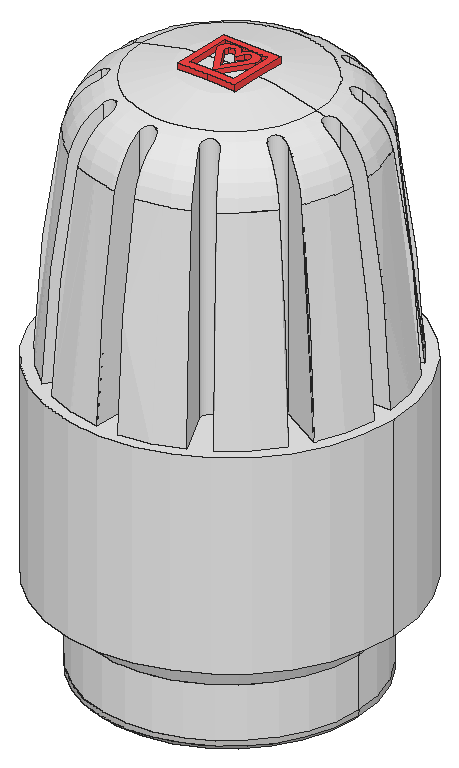
Revit family "HERZ-Herzcules-Thermostatkopf M28x1.5 9860", category Rohrzubehör, Revit 2021
Family settings
  Bemaßung runder Anschluss = Durchmesser verwenden
  Teiletyp = Normal
  OmniClass-Nummer = 23.65.55.14
  OmniClass-Titel = Valves for Liquid Services
  Arbeitsebenenbasiert = Nein
  Immer vertikal = Nein
  Beim Laden mit Abzugskörper schneiden = Nein
  Gemeinsam genutzt = Nein
Parameters
  Vorgabe-Ansicht = 0.000 mm
  URL = "www.herz-armaturen.at"
  Sollwertbereich = "8 - 26°C"  # constant formula
  S02 = 60.000 mm  # constant formula
  S01 = 81.000 mm  # constant formula
  Hersteller = "HERZ Armaturen Ges.m.b.H."  # constant formula
  Handrad = "Kunststoff, weiß"  # constant formula
  Funktionsweise = "Der HERZ-Thermostat dient als Fühl- und Regelelement.\r\nDurch die Volumsänderung der Flüssigkeitsfüllung im HERZ-Hydrosensor wird die Schubspindel des Ventils bewegt."
  Bestellnummer = 1986010  # constant formula
  Ausführungen = "HERZCULES, Heizkörperthermostat in Massivausführung\r\ngegen Vandalismus, Diebstahl und unbefugte Betätigung.\r\nMontage, Demontage und Sollwerteinstellung nur mit Spezialwerkzeugen möglich.\r\nSollwerteinstellung verriegelt, Einstellanzeige bleibt in verriegelter Position verdeckt.\r\nMit automatischer Frostsicherung."
  Anwendungen = "HERZCULES, Thermostatkopf zur Montage auf HERZ-Ventilen, die für thermostatischen Betrieb eingerichtet sind."
Reference planes
  plane 1 "Mitte (Vorne/hinten)": y = 0
  plane 2: z = 0
  plane 3 "Mitte (Links/rechts)": x = 0
Forms (mm)
  Revolve 1, solid, material "Kunststoff weiß", detail levels fine
    sketch origin (0, 0, 0) x (1, 0, 0) y (0, 0, 1)
      loop
        line (-20.5, -3.5) -> (-14, -3.5) -> (-14, 0) -> (0, 0) -> (0, 81)
        arc (0, 81) -> (-6.982, 80.51) -> (-13.827, 79.05) r 50
        arc (-13.827, 79.05) -> (-18.34, 76.173) -> (-20.722, 71.381) r 10
        arc (-20.722, 71.381) -> (-23.123, 55.561) -> (-24.254, 39.6) r 200.5
        line (-24.254, 39.6) -> (-26, 39.6) -> (-26, 9) -> (-23.156, 9) -> (-20.5, 4.4) -> (-20.5, -3.5)
      axis (0, 81) -> (0, -3.5)
    angle from 0 to 360
  Revolve 2, solid, material "Messing verzinkt", detail levels fine
    sketch origin (0, 0, -5) x (1, 0, 0) y (0, 0, 1)
      loop
        line (-14, 0) -> (-14, 1.5) -> (-20.5, 1.5) -> (-20.5, 0.7) -> (-19.8, 0) -> (-14, 0)
      axis (0, 1.5) -> (0, 0)
    angle from 0 to 360
  Extrusion 3, void
    sketch origin (0, 0, 0) x (1, 0, 0) y (0, 1, 0)
      loop
        line (1.7, -24.289) -> (1.331, -16.288)
        arc (1.331, -16.288) -> (-0.021, -15) -> (-1.366, -16.294) r 1.35
        line (-1.366, -16.294) -> (-1.7, -24.292)
        arc (-1.7, -24.292) -> (0, -24.35) -> (1.7, -24.289) r 24.35
      loop
        arc (-13.65, -20.176) -> (-12.208, -21.079) -> (-10.707, -21.879) r 24.35
        line (-10.707, -21.879) -> (-6.996, -14.785)
        arc (-6.996, -14.785) -> (-7.515, -12.992) -> (-9.329, -13.431) r 1.35
        line (-9.329, -13.431) -> (-13.65, -20.176)
      loop
        line (-20.194, -13.632) -> (-13.449, -9.312)
        arc (-13.449, -9.312) -> (-13.009, -7.497) -> (-14.803, -6.979) r 1.35
        line (-14.803, -6.979) -> (-21.896, -10.689)
        arc (-21.896, -10.689) -> (-21.097, -12.19) -> (-20.194, -13.632) r 24.35
      loop
        arc (-24.307, 1.718) -> (-24.368, 0.018) -> (-24.309, -1.682) r 24.35
        line (-24.309, -1.682) -> (-16.311, -1.349)
        arc (-16.311, -1.349) -> (-15.018, -0.003) -> (-16.305, 1.349) r 1.35
        line (-16.305, 1.349) -> (-24.307, 1.718)
      loop
        arc (1.7, 24.289) -> (0, 24.35) -> (-1.7, 24.292) r 24.35
        line (-1.7, 24.292) -> (-1.366, 16.294)
        arc (-1.366, 16.294) -> (-0.021, 15) -> (1.331, 16.288) r 1.35
        line (1.331, 16.288) -> (1.7, 24.289)
      loop
        line (-13.65, 20.176) -> (-9.329, 13.431)
        arc (-9.329, 13.431) -> (-7.515, 12.992) -> (-6.996, 14.785) r 1.35
        line (-6.996, 14.785) -> (-10.707, 21.879)
        arc (-10.707, 21.879) -> (-12.208, 21.079) -> (-13.65, 20.176) r 24.35
      loop
        arc (-20.194, 13.632) -> (-21.097, 12.19) -> (-21.896, 10.689) r 24.35
        line (-21.896, 10.689) -> (-14.803, 6.979)
        arc (-14.803, 6.979) -> (-13.009, 7.497) -> (-13.449, 9.312) r 1.35
        line (-13.449, 9.312) -> (-20.194, 13.632)
      loop
        line (24.307, 1.718) -> (16.305, 1.349)
        arc (16.305, 1.349) -> (15.018, -0.003) -> (16.311, -1.349) r 1.35
        line (16.311, -1.349) -> (24.309, -1.682)
        arc (24.309, -1.682) -> (24.368, 0.018) -> (24.307, 1.718) r 24.35
      loop
        arc (13.65, 20.176) -> (12.208, 21.079) -> (10.707, 21.879) r 24.35
        line (10.707, 21.879) -> (6.996, 14.785)
        arc (6.996, 14.785) -> (7.515, 12.992) -> (9.329, 13.431) r 1.35
        line (9.329, 13.431) -> (13.65, 20.176)
      loop
        line (20.194, 13.632) -> (13.449, 9.312)
        arc (13.449, 9.312) -> (13.009, 7.497) -> (14.803, 6.979) r 1.35
        line (14.803, 6.979) -> (21.896, 10.689)
        arc (21.896, 10.689) -> (21.097, 12.19) -> (20.194, 13.632) r 24.35
      loop
        line (13.65, -20.176) -> (9.329, -13.431)
        arc (9.329, -13.431) -> (7.515, -12.992) -> (6.996, -14.785) r 1.35
        line (6.996, -14.785) -> (10.707, -21.879)
        arc (10.707, -21.879) -> (12.208, -21.079) -> (13.65, -20.176) r 24.35
      loop
        arc (20.194, -13.632) -> (21.097, -12.19) -> (21.896, -10.689) r 24.35
        line (21.896, -10.689) -> (14.803, -6.979)
        arc (14.803, -6.979) -> (13.009, -7.497) -> (13.449, -9.312) r 1.35
        line (13.449, -9.312) -> (20.194, -13.632)
    from 39.6 to 90
Cuts and joins
  Extrusion 3 cuts Revolve 1
Lines and regions (mm)
  model lines, detail levels coarse+medium
    curve 1: line (0, 0, 0) -> (0, 0, 21)
    curve 2: line (0, -0.017, 0) -> (0, 21, 0)
    curve 3: circle (0, 0, 51) r 30 normal (0, -1, 0)
    curve 4: circle (0, 0, 51) r 30 normal (1, 0, 0)
    curve 5: line (0, 0, 31) -> (0, 0, 71)
    curve 6: line (0, 17.5, 71) -> (0, -17.5, 71)
    curve 7: line (0, 0, 31) -> (0, 0, 71)
    curve 8: line (-17.5, 0, 71) -> (17.5, 0, 71)
    curve 9: circle (0, 51, 0) r 30 normal (0, 0, 1)
    curve 10: line (0, 31, 0) -> (0, 71, 0)
    curve 11: line (-17.5, 71, 0) -> (17.5, 71, 0)
Dimensions and locks
  nested 1 to plane 2 = 80.000 mm
  "S01": curve 4 to plane 2
  "S01": curve 3 to plane 2
  "S01": plane 1 "Mitte (Vorne/hinten)" to curve 9
  "S02": diameter of curve 3
  "S02": diameter of curve 4
  "S02": diameter of curve 9
  aligned and locked: level to plane 2
Automatic sketch dimensions
  Revolve 1 sketch curve to level = 0.000 mm
  Revolve 1 sketch curve to plane 3 "Mitte (Links/rechts)" = 0.000 mm  (x2)
  Revolve 1 sketch curve to plane 3 "Mitte (Links/rechts)" = 10.903 mm
  Revolve 1 sketch curve to plane 3 "Mitte (Links/rechts)" = 14.000 mm
  Revolve 1 sketch curve to Revolve 1 sketch curve = 6.500 mm
  level to Revolve 1 sketch curve = 9.000 mm
  Revolve 1 sketch curve to Revolve 1 sketch curve = 2.656 mm
  Revolve 1 sketch curve to plane 3 "Mitte (Links/rechts)" = 24.254 mm
  Revolve 1 sketch curve to Revolve 1 sketch curve = 1.746 mm
  level to Revolve 1 sketch curve = 33.411 mm
  plane 3 "Mitte (Links/rechts)" to Revolve 1 sketch curve = 176.150 mm
  Revolve 1 sketch curve to level = 3.500 mm
  level to Revolve 1 sketch curve = 4.400 mm
  level to Revolve 1 sketch curve = 31.000 mm
  Revolve 1 sketch curve to Revolve 1 sketch curve = 8.600 mm
  Revolve 1 sketch curve to Revolve 1 sketch curve = 29.887 mm
  Revolve 1 sketch curve to Revolve 1 sketch curve = 11.513 mm
  Revolve 1 sketch curve to Revolve 1 sketch curve = 2.925 mm
  level to Revolve 1 sketch curve = 5.000 mm
  Revolve 1 sketch curve to Revolve 1 sketch curve = 2133.315 mm
  Revolve 2 sketch curve to plane 3 "Mitte (Links/rechts)" = 0.000 mm
  Revolve 2 sketch curve to level = 5.000 mm
  Revolve 2 sketch curve to plane 3 "Mitte (Links/rechts)" = 14.000 mm
  Revolve 2 sketch curve to Revolve 2 sketch curve = 5.800 mm
  Revolve 2 sketch curve to Revolve 2 sketch curve = 0.700 mm  (x2)
  Revolve 2 sketch curve to Revolve 2 sketch curve = 1.500 mm
  Revolve 2 sketch curve to Revolve 2 sketch curve = 366.045 mm
  level to Revolve 2 sketch curve = 2209.315 mm
  Extrusion 3 sketch curve to Extrusion 3 sketch curve = 0.000 mm  (x62)
  plane 1 "Mitte (Vorne/hinten)" to Extrusion 3 sketch curve = 0.000 mm  (x4)
  plane 1 "Mitte (Vorne/hinten)" to Extrusion 3 sketch curve = 1.682 mm  (x2)
  Extrusion 3 sketch curve to plane 3 "Mitte (Links/rechts)" = 24.309 mm
  Extrusion 3 sketch curve to plane 1 "Mitte (Vorne/hinten)" = 1.718 mm  (x2)
  Extrusion 3 sketch curve to Extrusion 3 sketch curve = 0.002 mm
  plane 1 "Mitte (Vorne/hinten)" to Extrusion 3 sketch curve = 10.689 mm  (x2)
  Extrusion 3 sketch curve to Extrusion 3 sketch curve = 2.413 mm
  plane 1 "Mitte (Vorne/hinten)" to Extrusion 3 sketch curve = 13.632 mm
  Extrusion 3 sketch curve to Extrusion 3 sketch curve = 4.113 mm
  Extrusion 3 sketch curve to Extrusion 3 sketch curve = 7.942 mm
  plane 1 "Mitte (Vorne/hinten)" to Extrusion 3 sketch curve = 1.349 mm  (x2)
  Extrusion 3 sketch curve to Extrusion 3 sketch curve = 0.056 mm
  Extrusion 3 sketch curve to plane 1 "Mitte (Vorne/hinten)" = 1.349 mm  (x2)
  Extrusion 3 sketch curve to plane 1 "Mitte (Vorne/hinten)" = 6.979 mm  (x2)
  Extrusion 3 sketch curve to Extrusion 3 sketch curve = 1.503 mm  (x4)
  plane 1 "Mitte (Vorne/hinten)" to Extrusion 3 sketch curve = 6.979 mm  (x2)
  Extrusion 3 sketch curve to Extrusion 3 sketch curve = 1.509 mm
  Extrusion 3 sketch curve to Extrusion 3 sketch curve = 0.626 mm  (x6)
  Extrusion 3 sketch curve to Extrusion 3 sketch curve = 6.544 mm  (x2)
  Extrusion 3 sketch curve to plane 1 "Mitte (Vorne/hinten)" = 9.312 mm
  Extrusion 3 sketch curve to Extrusion 3 sketch curve = 0.728 mm  (x6)
  plane 1 "Mitte (Vorne/hinten)" to Extrusion 3 sketch curve = 9.312 mm
  Extrusion 3 sketch curve to Extrusion 3 sketch curve = 2.943 mm  (x4)
  Extrusion 3 sketch curve to Extrusion 3 sketch curve = 4.120 mm  (x6)
  Extrusion 3 sketch curve to Extrusion 3 sketch curve = 1.137 mm  (x4)
  Extrusion 3 sketch curve to Extrusion 3 sketch curve = 1.196 mm  (x5)
  Extrusion 3 sketch curve to plane 3 "Mitte (Links/rechts)" = 1.700 mm  (x2)
  Extrusion 3 sketch curve to plane 3 "Mitte (Links/rechts)" = 1.366 mm  (x2)
  Extrusion 3 sketch curve to plane 3 "Mitte (Links/rechts)" = 0.018 mm  (x2)
  plane 3 "Mitte (Links/rechts)" to Extrusion 3 sketch curve = 0.018 mm
  plane 3 "Mitte (Links/rechts)" to Extrusion 3 sketch curve = 1.331 mm  (x2)
  plane 3 "Mitte (Links/rechts)" to Extrusion 3 sketch curve = 1.700 mm  (x2)
  Extrusion 3 sketch curve to Extrusion 3 sketch curve = 5.665 mm  (x2)
  Extrusion 3 sketch curve to Extrusion 3 sketch curve = 3.710 mm  (x2)
  Extrusion 3 sketch curve to Extrusion 3 sketch curve = 0.006 mm  (x3)
  Extrusion 3 sketch curve to Extrusion 3 sketch curve = 6.745 mm  (x6)
  Extrusion 3 sketch curve to Extrusion 3 sketch curve = 1.702 mm  (x3)
  Extrusion 3 sketch curve to plane 1 "Mitte (Vorne/hinten)" = 10.689 mm  (x2)
  Extrusion 3 sketch curve to Extrusion 3 sketch curve = 8.002 mm  (x3)
  Extrusion 3 sketch curve to Extrusion 3 sketch curve = 7.181 mm
  Extrusion 3 sketch curve to Extrusion 3 sketch curve = 4.848 mm
  Extrusion 3 sketch curve to Extrusion 3 sketch curve = 2.333 mm
  Extrusion 3 sketch curve to Extrusion 3 sketch curve = 4.320 mm
  curve 5 to plane 1 "Mitte (Vorne/hinten)" = 0.000 mm
  curve 4 to plane 1 "Mitte (Vorne/hinten)" = 0.000 mm
  plane 1 "Mitte (Vorne/hinten)" to curve 6 = 17.500 mm
  curve 5 to curve 6 = 17.500 mm
  curve 5 to curve 4 = 20.000 mm
  curve 4 to curve 6 = 20.000 mm
  curve 3 to plane 3 "Mitte (Links/rechts)" = 0.000 mm
  curve 7 to plane 3 "Mitte (Links/rechts)" = 0.000 mm
  curve 1 to plane 3 "Mitte (Links/rechts)" = 0.000 mm
  curve 1 to level = 0.000 mm
  curve 8 to curve 7 = 17.500 mm
  plane 3 "Mitte (Links/rechts)" to curve 8 = 17.500 mm
  curve 1 to curve 7 = 10.000 mm
  curve 3 to curve 8 = 20.000 mm
  curve 9 to plane 3 "Mitte (Links/rechts)" = 0.000 mm
  curve 10 to plane 3 "Mitte (Links/rechts)" = 0.000 mm
  curve 2 to plane 3 "Mitte (Links/rechts)" = 0.000 mm
  curve 11 to curve 10 = 17.500 mm
  plane 3 "Mitte (Links/rechts)" to curve 11 = 17.500 mm
  plane 1 "Mitte (Vorne/hinten)" to curve 2 = 0.017 mm
  curve 2 to curve 10 = 10.000 mm
  curve 9 to curve 11 = 20.000 mm
Nested families
  nested 1: "Herz-Logo" at (0, 0, 80), type "Herz-Logo", detail levels fine
Definition of nested family "Herz-Logo"
  Parameters (values of type "Herz-Logo")
    Default Elevation = 0.000 mm
  Reference planes
    plane 1 "Mitte (Vorne/hinten)": y = 0
    plane 2: z = 0
    plane 3 "Mitte (Links/rechts)": x = 0
  Forms (mm)
    Extrusion 1, solid
      sketch origin (0, 0, 0) x (1, 0, 0) y (0, 1, 0)
        loop
          line (-0.018, -4.517) -> (4.482, -4.517) -> (4.482, 4.483) -> (-4.518, 4.483) -> (-4.518, -4.517) -> (-0.018, -4.517)
        loop
          line (-0.05, -3.48) -> (3.482, -3.48) -> (3.482, 3.483) -> (-3.518, 3.483) -> (-3.518, -3.48) -> (-0.05, -3.48)
        loop
          arc (-0.018, 2.383) -> (-1.543, 3.287) -> (-3.067, 2.383) r 1.738
          arc (-3.067, 2.383) -> (-3.191, 1.899) -> (-3.067, 1.415) r 1.009
          line (-3.067, 1.415) -> (-0.018, -3.281) -> (3.032, 1.415)
          arc (3.032, 1.415) -> (3.156, 1.899) -> (3.032, 2.383) r 1.009
          arc (3.032, 2.383) -> (1.507, 3.287) -> (-0.018, 2.383) r 1.738
        loop
          arc (1.885, 1.272) -> (2.005, 1.675) -> (1.885, 2.079) r 0.74
          arc (1.885, 2.079) -> (1.265, 2.416) -> (0.644, 2.079) r 0.74
          line (0.644, 2.079) -> (-0.018, 0.97) -> (-0.679, 2.079)
          arc (-0.679, 2.079) -> (-1.3, 2.416) -> (-1.921, 2.079) r 0.74
          arc (-1.921, 2.079) -> (-2.04, 1.675) -> (-1.921, 1.272) r 0.74
          line (-1.921, 1.272) -> (-0.018, -1.658) -> (1.885, 1.272)
      from 0 to 1.5
  Dimensions and locks
    aligned and locked: level to plane 2
